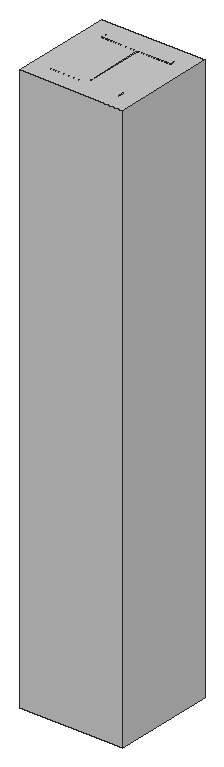
Revit family "SRC - H - Coluna", category Pilares estruturais, Revit 2019
Family settings
  Exibir em vistas ocultas = Arestas ocultadas por outros membros
  Forma do corte = Não definido
  Material para o comportamento do modelo = Concreto
  Exportar sempre como geometria = Não
  Redução da viga na planta = Da caixa de vinculação
  Corte com vazios quando carregada = Não
  Representação simbólica = Das configurações de projeto
  Compartilhado = Não
  Exibir o pré-corte da família na vista da planta = Sim
Parameters (values of type "SRC-H300X300")
  hc [instance] = 450 mm
  bc [instance] = 450 mm
  Structural Material [instance] = Concreto - Moldado in loco
  Deslocamento do topo do concreto [instance] = 0 mm
  Rotação do concreto [instance] = 0.00°
  Material da coluna de aço [instance] = Metal - Aço 345 MPa
  Assembly Code = ""
  A = 0.00 m²
  W = 0
  bf = 300 mm
  d = 300 mm
  k = 28 mm
  kr = k - tf  # 8 mm
  tf = 20 mm
  tw = 12 mm
Reference planes
  plane 1 "Centro (Frente/Trás)": y = 0
  plane 2: z = 0
  plane 3 "Centro (Esquerda/Direita)": x = 0
  plane 4: x = -150
  plane 5: x = 150
  plane 6: y = 150
  plane 7: y = -150
  plane 8: x = -3.969
  plane 9: x = 3.969
  plane 10: z = 2500
Forms (mm)
  Extrusion 1, solid, material "Metal - Aço 345 MPa" <- "Material da coluna de aço", detail levels medium
    sketch origin (0, 0, 0) x (1, 0, 0) y (0, 1, 0)
      loop
        line (-150, 150) -> (-150, 130) -> (-6, 130) -> (-6, -130) -> (-150, -130) -> (-150, -150) -> (150, -150) -> (150, -130) -> (6, -130) -> (6, 130) -> (150, 130) -> (150, 150) -> (-150, 150)
    from 0 to 2500
  Extrusion 2, solid, material "Metal - Aço 345 MPa" <- "Material da coluna de aço", detail levels fine
    sketch origin (0, 0, 0) x (1, 0, 0) y (0, 1, 0)
      loop
        line (-150, 150) -> (-150, 130) -> (-14, 130)
        arc (-14, 130) -> (-8.343, 127.657) -> (-6, 122) r 8
        line (-6, 122) -> (-6, -122)
        arc (-6, -122) -> (-8.343, -127.657) -> (-14, -130) r 8
        line (-14, -130) -> (-150, -130) -> (-150, -150) -> (150, -150) -> (150, -130) -> (14, -130)
        arc (14, -130) -> (8.343, -127.657) -> (6, -122) r 8
        line (6, -122) -> (6, 122)
        arc (6, 122) -> (8.343, 127.657) -> (14, 130) r 8
        line (14, 130) -> (150, 130) -> (150, 150) -> (-150, 150)
    from 0 to 2500
  Sweep 3, solid, material "Concreto - Moldado in loco" <- "Structural Material", detail levels medium+fine
    path origin (0, 0, 0) x (1, 0, 0) y (0, 0, 1)
      loop
        line (0, 0) -> (0, 2500)
    profile "M_Viga retangular-Perfil : M_Viga retangular-Perfil" origin (0, 0, 1250) x (-1, 0, 0) y (0, -1, 0)
      loop
        line (-225, -225) -> (225, -225) -> (225, 225) -> (-225, 225) -> (-225, -225)
Lines and regions (mm)
  symbolic lines, style "StructuralColumnStickSymbols", detail levels coarse
    curve 1: line (-150, 150, 0) -> (150, 150, 0)
    curve 2: line (-150, -150, 0) -> (150, -150, 0)
    curve 3: line (0, 150, 0) -> (0, -150, 0)
    curve 6: line (-225, 225, 0) -> (225, 225, 0)
    curve 7: line (-225, -225, 0) -> (-225, 225, 0)
    curve 8: line (225, -225, 0) -> (-225, -225, 0)
    curve 9: line (225, 225, 0) -> (225, -225, 0)
  symbolic lines, style "Faces ocultas", detail levels medium+fine
    curve 4: line (-3.969, 0, 0) -> (-3.969, 0, 2500)
    curve 5: line (3.969, 0, 2500) -> (3.969, 0, 0)
Dimensions and locks
  equal spacing: plane 4, plane 3 "Centro (Esquerda/Direita)", plane 5
  equal spacing: plane 7, plane 1 "Centro (Frente/Trás)", plane 6
  "d": plane 7 to plane 6
  "bf": plane 4 to plane 5
  "tf": plane 7 to Extrusion 1 sketch curve
  "tf": Extrusion 1 sketch curve to plane 6
  equal spacing: Extrusion 1 sketch curve, plane 3 "Centro (Esquerda/Direita)", Extrusion 1 sketch curve
  "tw": Extrusion 1 sketch curve to Extrusion 1 sketch curve
  "Deslocamento do topo do concreto": level to plane 10
  "kr": radius of Extrusion 2 sketch curve  (x4)
  aligned and locked: plane 6 to Extrusion 1 sketch curve
  aligned and locked: Extrusion 1 sketch curve to plane 7
  aligned and locked: Extrusion 1 sketch curve to plane 4  (x2)
  aligned and locked: plane 5 to Extrusion 1 sketch curve  (x2)
  aligned and locked: Extrusion 1 sketch curve to Extrusion 1 sketch curve  (x2)
  aligned and locked: level to Extrusion 1
  aligned and locked: level to plane 2
  aligned and locked: Extrusion 1 to plane 2
  aligned and locked: plane 6 to Extrusion 2 sketch curve
  aligned and locked: plane 5 to Extrusion 2 sketch curve  (x2)
  aligned and locked: Extrusion 2 sketch curve to plane 4  (x2)
  aligned and locked: Extrusion 2 sketch curve to Extrusion 1  (x6)
  aligned and locked: Extrusion 2 sketch curve to plane 7
  aligned and locked: level to Extrusion 2
  aligned and locked: Extrusion 2 to level
  aligned and locked: level to Sweep 3 sketch curve
  aligned and locked: plane 10 to Sweep 3 sketch curve
  aligned and locked: plane 3 "Centro (Esquerda/Direita)" to Sweep 3 sketch curve
  aligned and locked: curve 6 to Sweep 3
  aligned and locked: curve 7 to Sweep 3
  aligned and locked: curve 8 to Sweep 3
  aligned and locked: curve 9 to Sweep 3
Automatic sketch dimensions
  curve 2 to plane 4 = 0 mm
  curve 1 to plane 4 = 0 mm
  curve 3 to plane 3 "Centro (Esquerda/Direita)" = 0 mm
  curve 2 to plane 5 = 0 mm
  curve 1 to plane 5 = 0 mm
  curve 3 to plane 7 = 0 mm
  curve 3 to plane 6 = 0 mm
  curve 4 to level = 0 mm  (x2)
  curve 4 to plane 8 = 0 mm
  curve 5 to level = 0 mm  (x2)
  curve 5 to plane 9 = 0 mm
